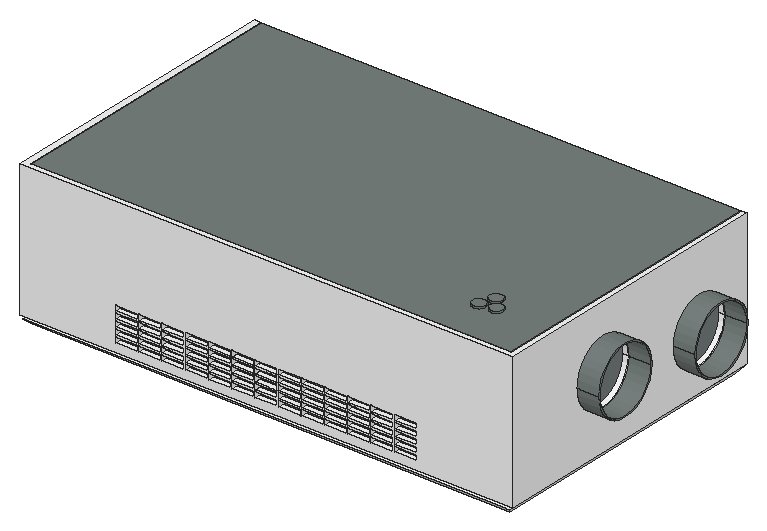
Revit family "AM 300 SHBDE", category Mechanical Equipment, Revit 2019
Family settings
  Round Connector Dimension = Use Diameter
  Part Type = Normal
  OmniClass Number = 23.75.00.00
  OmniClass Title = Climate Control (HVAC)
  Work Plane-Based = No
  Always vertical = Yes
  Cut with Voids When Loaded = No
  Shared = No
  Room Calculation Point = No
Parameters
  publication date = "01.05.2023"
  Weight (Standard Unit) = 85  # constant formula
  Water Heating [instance] = yes
  Water Heater Surface Return = 15 mm  # constant formula
  Water Heater Surface IN = 15 mm  # constant formula
  Version number = "1.0"
  URL = "www.airmaster-as.com"
  Total Width = 1180 mm  # constant formula
  Total Hight = 344 mm  # constant formula
  T-C Duct Supply = 187 mm  # constant formula
  T-C Duct Exhaust = 187 mm  # constant formula
  Suply Air In = 160 mm  # constant formula
  R-C Duct Supply = 133 mm  # constant formula
  Phase 1 - Max Power Consumption = "1175 W"
  Phase 1 - Max Current = "7,97 A"
  Nominal current, electrical preheating surface = "4,35 A"
  Nominal current, electrical comfort heating surface = "2,17 A"
  Nominal current, air handling unit = "1,45 A"
  Network Conection = "AWG 24 CAT 5e STP"
  Model = "AM 300 SHBDE"
  Max. flow rate 35 dB(A) with ePM10 80% filters = 240.00 m³  # constant formula
  Max. flow rate 35 dB(A) with ePM10 55% filters = 270.00 m³  # constant formula
  Max. flow rate 35 dB(A) with ePM10 50% filters = 275.00 m³  # constant formula
  Max. flow rate 30 dB(A) with ePM10 80% filters = 180.00 m³  # constant formula
  Max. flow rate 30 dB(A) with ePM10 55% filters = 205.00 m³  # constant formula
  Max. flow rate 30 dB(A) with ePM10 50% filters = 210.00 m³  # constant formula
  Manufacturer = "Airmaster A/S"
  Maintenance [instance] = no
  L-C Duct Exhaust = 133 mm  # constant formula
  Exhaust Air = 160 mm  # constant formula
  Total Depth = 703 mm  # constant formula
  Electrical connection = "1 ~ 230 V / N / PE / 50 Hz"
  Drawn By = "LSB"
  Data Sheet = "https://www.airmaster-as.com/media/4938/15583-am300-en-rev-04.pdf"
  Condensate = 6 mm  # constant formula
  BMS Panel = "(PTS) 2x2x0,6"
  BMS Out = "(PTS) 2x2x0,6"
  BMS IN = "(PTS) 2x2x0,6"
  Airlow area [instance] = no
Reference planes
  plane 1 "Center (Front/Back)": y = 0
  plane 2: z = 0
  plane 3 "Center (Left/Right)": x = 0
  plane 4 "Center L/S": y = -703
  plane 5 "Center L/T": x = -590
  plane 6 "Center L/U": x = 590
  plane 7 "TOP": z = 344
  plane 8 "Center L/V": x = -575
  plane 9 "Center L/W": y = -688
  plane 10 "Center L/X": x = 575
  plane 11 "Panel Buttom": z = 20.747
  plane 12 "Panel Top": z = 330.347
  plane 13 "Hatch": z = 14.5
Forms (mm)
  Extrusion 1, solid, material "AM Grey"
    sketch origin (0, 0, 0) x (1, 0, 0) y (0, 1, 0)
      loop
        line (-575, 0) -> (-575, -688) -> (575, -688) -> (575, 0) -> (-575, 0)
    from 14.5 to 344
  Extrusion 2, solid, material "AM White"
    sketch origin (794.5, -1524, 20.747) x (0, -1, 0) y (-1, 0, 0)
      loop
        line (-1524, 1384.5) -> (-1524, 1369.5) -> (-836, 1369.5) -> (-836, 219.5) -> (-1524, 219.5) -> (-1524, 204.5) -> (-821, 204.5) -> (-821, 1384.5) -> (-1524, 1384.5)
    from 0 to -323.253
  Blend 3, solid, material "AM White"
    base sketch origin (-790.646, -1524, 14.5) x (0, -1, 0) y (1, 0, 0)
      loop
        line (-821, 207.613) -> (-821, 1373.657) -> (-1524, 1373.657) -> (-1524, 207.613) -> (-821, 207.613)
    top sketch origin (-790.646, -1524, 14.5) x (0, -1, 0) y (1, 0, 0)
      loop
        line (-836, 218.963) -> (-836, 1362.646) -> (-1509.161, 1362.646) -> (-1509.161, 218.963) -> (-836, 218.963)
    from 0 to -14.5
  Extrusion 4, solid, material "AM Grey"
    sketch origin (-575, 0, 0) x (1, 0, 0) y (0, 0, -1)
      loop
        circle (118, -157) r 80
    from 0 to 18.45
  Extrusion 5, solid, material "Maintenece", visible <- "Maintenance"
    sketch origin (-790.646, -1524, 0) x (1, 0, 0) y (0, -1, 0)
      loop
        line (200.646, -1524) -> (1380.646, -1524) -> (1380.646, -821) -> (200.646, -821) -> (200.646, -1524)
    from 0 to 1200
  Extrusion 6, solid, material "AM Grey"
    sketch origin (0, 0, 344) x (1, 0, 0) y (0, 1, 0)
      loop
        circle (428.027, -549.273) r 15.55
    from 0 to 3
  Extrusion 7, solid, material "AM Grey"
    sketch origin (0, 0, 344) x (1, 0, 0) y (0, 1, 0)
      loop
        circle (452.132, -578.023) r 15.55
    from 0 to 3
  Extrusion 8, solid, material "AM Grey"
    sketch origin (0, 0, 344) x (1, 0, 0) y (0, 1, 0)
      loop
        circle (415.201, -584.535) r 15.55
    from 0 to 3
  Extrusion 9, void
    sketch origin (590, -703, 24.45) x (1, 0, 0) y (0, 0, -1)
      loop
        line (-950, -98.297) -> (-897.385, -98.297) -> (-897.385, -84.297) -> (-950, -84.297) -> (-950, -98.297)
      loop
        line (-950, -81.297) -> (-897.385, -81.297) -> (-897.385, -67.297) -> (-950, -67.297) -> (-950, -81.297)
      loop
        line (-950, -64.297) -> (-897.385, -64.297) -> (-897.385, -50.297) -> (-950, -50.297) -> (-950, -64.297)
      loop
        line (-950, -47.297) -> (-897.385, -47.297) -> (-897.385, -33.297) -> (-950, -33.297) -> (-950, -47.297)
      loop
        line (-950, -30.297) -> (-897.385, -30.297) -> (-897.385, -16.297) -> (-950, -16.297) -> (-950, -30.297)
      loop
        line (-894.385, -98.297) -> (-841.769, -98.297) -> (-841.769, -84.297) -> (-894.385, -84.297) -> (-894.385, -98.297)
      loop
        line (-894.385, -81.297) -> (-841.769, -81.297) -> (-841.769, -67.297) -> (-894.385, -67.297) -> (-894.385, -81.297)
      loop
        line (-894.385, -64.297) -> (-841.769, -64.297) -> (-841.769, -50.297) -> (-894.385, -50.297) -> (-894.385, -64.297)
      loop
        line (-894.385, -47.297) -> (-841.769, -47.297) -> (-841.769, -33.297) -> (-894.385, -33.297) -> (-894.385, -47.297)
      loop
        line (-894.385, -30.297) -> (-841.769, -30.297) -> (-841.769, -16.297) -> (-894.385, -16.297) -> (-894.385, -30.297)
      loop
        line (-838.769, -98.297) -> (-786.154, -98.297) -> (-786.154, -84.297) -> (-838.769, -84.297) -> (-838.769, -98.297)
      loop
        line (-838.769, -81.297) -> (-786.154, -81.297) -> (-786.154, -67.297) -> (-838.769, -67.297) -> (-838.769, -81.297)
      loop
        line (-838.769, -64.297) -> (-786.154, -64.297) -> (-786.154, -50.297) -> (-838.769, -50.297) -> (-838.769, -64.297)
      loop
        line (-838.769, -47.297) -> (-786.154, -47.297) -> (-786.154, -33.297) -> (-838.769, -33.297) -> (-838.769, -47.297)
      loop
        line (-838.769, -30.297) -> (-786.154, -30.297) -> (-786.154, -16.297) -> (-838.769, -16.297) -> (-838.769, -30.297)
      loop
        line (-783.154, -98.297) -> (-730.538, -98.297) -> (-730.538, -84.297) -> (-783.154, -84.297) -> (-783.154, -98.297)
      loop
        line (-783.154, -81.297) -> (-730.538, -81.297) -> (-730.538, -67.297) -> (-783.154, -67.297) -> (-783.154, -81.297)
      loop
        line (-783.154, -64.297) -> (-730.538, -64.297) -> (-730.538, -50.297) -> (-783.154, -50.297) -> (-783.154, -64.297)
      loop
        line (-783.154, -47.297) -> (-730.538, -47.297) -> (-730.538, -33.297) -> (-783.154, -33.297) -> (-783.154, -47.297)
      loop
        line (-783.154, -30.297) -> (-730.538, -30.297) -> (-730.538, -16.297) -> (-783.154, -16.297) -> (-783.154, -30.297)
      loop
        line (-727.538, -98.297) -> (-674.923, -98.297) -> (-674.923, -84.297) -> (-727.538, -84.297) -> (-727.538, -98.297)
      loop
        line (-727.538, -81.297) -> (-674.923, -81.297) -> (-674.923, -67.297) -> (-727.538, -67.297) -> (-727.538, -81.297)
      loop
        line (-727.538, -64.297) -> (-674.923, -64.297) -> (-674.923, -50.297) -> (-727.538, -50.297) -> (-727.538, -64.297)
      loop
        line (-727.538, -47.297) -> (-674.923, -47.297) -> (-674.923, -33.297) -> (-727.538, -33.297) -> (-727.538, -47.297)
      loop
        line (-727.538, -30.297) -> (-674.923, -30.297) -> (-674.923, -16.297) -> (-727.538, -16.297) -> (-727.538, -30.297)
      loop
        line (-671.923, -98.297) -> (-619.308, -98.297) -> (-619.308, -84.297) -> (-671.923, -84.297) -> (-671.923, -98.297)
      loop
        line (-671.923, -81.297) -> (-619.308, -81.297) -> (-619.308, -67.297) -> (-671.923, -67.297) -> (-671.923, -81.297)
      loop
        line (-671.923, -64.297) -> (-619.308, -64.297) -> (-619.308, -50.297) -> (-671.923, -50.297) -> (-671.923, -64.297)
      loop
        line (-671.923, -47.297) -> (-619.308, -47.297) -> (-619.308, -33.297) -> (-671.923, -33.297) -> (-671.923, -47.297)
      loop
        line (-671.923, -30.297) -> (-619.308, -30.297) -> (-619.308, -16.297) -> (-671.923, -16.297) -> (-671.923, -30.297)
      loop
        line (-616.308, -98.297) -> (-563.692, -98.297) -> (-563.692, -84.297) -> (-616.308, -84.297) -> (-616.308, -98.297)
      loop
        line (-616.308, -81.297) -> (-563.692, -81.297) -> (-563.692, -67.297) -> (-616.308, -67.297) -> (-616.308, -81.297)
      loop
        line (-616.308, -64.297) -> (-563.692, -64.297) -> (-563.692, -50.297) -> (-616.308, -50.297) -> (-616.308, -64.297)
      loop
        line (-616.308, -47.297) -> (-563.692, -47.297) -> (-563.692, -33.297) -> (-616.308, -33.297) -> (-616.308, -47.297)
      loop
        line (-616.308, -30.297) -> (-563.692, -30.297) -> (-563.692, -16.297) -> (-616.308, -16.297) -> (-616.308, -30.297)
      loop
        line (-560.692, -98.297) -> (-508.077, -98.297) -> (-508.077, -84.297) -> (-560.692, -84.297) -> (-560.692, -98.297)
      loop
        line (-560.692, -81.297) -> (-508.077, -81.297) -> (-508.077, -67.297) -> (-560.692, -67.297) -> (-560.692, -81.297)
      loop
        line (-560.692, -64.297) -> (-508.077, -64.297) -> (-508.077, -50.297) -> (-560.692, -50.297) -> (-560.692, -64.297)
      loop
        line (-560.692, -47.297) -> (-508.077, -47.297) -> (-508.077, -33.297) -> (-560.692, -33.297) -> (-560.692, -47.297)
      loop
        line (-560.692, -30.297) -> (-508.077, -30.297) -> (-508.077, -16.297) -> (-560.692, -16.297) -> (-560.692, -30.297)
      loop
        line (-505.077, -98.297) -> (-452.462, -98.297) -> (-452.462, -84.297) -> (-505.077, -84.297) -> (-505.077, -98.297)
      loop
        line (-505.077, -81.297) -> (-452.462, -81.297) -> (-452.462, -67.297) -> (-505.077, -67.297) -> (-505.077, -81.297)
      loop
        line (-505.077, -64.297) -> (-452.462, -64.297) -> (-452.462, -50.297) -> (-505.077, -50.297) -> (-505.077, -64.297)
      loop
        line (-505.077, -47.297) -> (-452.462, -47.297) -> (-452.462, -33.297) -> (-505.077, -33.297) -> (-505.077, -47.297)
      loop
        line (-505.077, -30.297) -> (-452.462, -30.297) -> (-452.462, -16.297) -> (-505.077, -16.297) -> (-505.077, -30.297)
      loop
        line (-449.462, -98.297) -> (-396.846, -98.297) -> (-396.846, -84.297) -> (-449.462, -84.297) -> (-449.462, -98.297)
      loop
        line (-449.462, -81.297) -> (-396.846, -81.297) -> (-396.846, -67.297) -> (-449.462, -67.297) -> (-449.462, -81.297)
      loop
        line (-449.462, -64.297) -> (-396.846, -64.297) -> (-396.846, -50.297) -> (-449.462, -50.297) -> (-449.462, -64.297)
      loop
        line (-449.462, -47.297) -> (-396.846, -47.297) -> (-396.846, -33.297) -> (-449.462, -33.297) -> (-449.462, -47.297)
      loop
        line (-449.462, -30.297) -> (-396.846, -30.297) -> (-396.846, -16.297) -> (-449.462, -16.297) -> (-449.462, -30.297)
      loop
        line (-393.846, -98.297) -> (-341.231, -98.297) -> (-341.231, -84.297) -> (-393.846, -84.297) -> (-393.846, -98.297)
      loop
        line (-393.846, -81.297) -> (-341.231, -81.297) -> (-341.231, -67.297) -> (-393.846, -67.297) -> (-393.846, -81.297)
      loop
        line (-393.846, -64.297) -> (-341.231, -64.297) -> (-341.231, -50.297) -> (-393.846, -50.297) -> (-393.846, -64.297)
      loop
        line (-393.846, -47.297) -> (-341.231, -47.297) -> (-341.231, -33.297) -> (-393.846, -33.297) -> (-393.846, -47.297)
      loop
        line (-393.846, -30.297) -> (-341.231, -30.297) -> (-341.231, -16.297) -> (-393.846, -16.297) -> (-393.846, -30.297)
      loop
        line (-338.231, -98.297) -> (-285.615, -98.297) -> (-285.615, -84.297) -> (-338.231, -84.297) -> (-338.231, -98.297)
      loop
        line (-338.231, -81.297) -> (-285.615, -81.297) -> (-285.615, -67.297) -> (-338.231, -67.297) -> (-338.231, -81.297)
      loop
        line (-338.231, -64.297) -> (-285.615, -64.297) -> (-285.615, -50.297) -> (-338.231, -50.297) -> (-338.231, -64.297)
      loop
        line (-338.231, -47.297) -> (-285.615, -47.297) -> (-285.615, -33.297) -> (-338.231, -33.297) -> (-338.231, -47.297)
      loop
        line (-338.231, -30.297) -> (-285.615, -30.297) -> (-285.615, -16.297) -> (-338.231, -16.297) -> (-338.231, -30.297)
      loop
        line (-282.615, -98.297) -> (-230, -98.297) -> (-230, -84.297) -> (-282.615, -84.297) -> (-282.615, -98.297)
      loop
        line (-282.615, -81.297) -> (-230, -81.297) -> (-230, -67.297) -> (-282.615, -67.297) -> (-282.615, -81.297)
      loop
        line (-282.615, -64.297) -> (-230, -64.297) -> (-230, -50.297) -> (-282.615, -50.297) -> (-282.615, -64.297)
      loop
        line (-282.615, -47.297) -> (-230, -47.297) -> (-230, -33.297) -> (-282.615, -33.297) -> (-282.615, -47.297)
      loop
        line (-282.615, -30.297) -> (-230, -30.297) -> (-230, -16.297) -> (-282.615, -16.297) -> (-282.615, -30.297)
    from 0 to 15
  Extrusion 10, solid, material "AM Grey", visible <- "Water Heating"
    sketch origin (-575, -688, 0) x (0, 1, 0) y (0, 0, -1)
      loop
        circle (325.216, -242.139) r 15.55
    from 0 to 36
  Extrusion 11, solid, material "AM Grey", visible <- "Water Heating"
    sketch origin (-575, -836.92, 39.903) x (0, 1, 0) y (0, 0, -1)
      loop
        circle (325.216, -242.139) r 15.55
    from 0 to 36
  Extrusion 12, solid, material "AM Grey"
    sketch origin (590, 0, 20.747) x (0, -1, 0) y (0, 0, -1)
      loop
        circle (145, -136.253) r 79
      loop
        circle (145, -136.253) r 77
    from 0 to 54
  Extrusion 13, solid, material "AM Grey"
    sketch origin (590, -288, 58.747) x (0, -1, 0) y (0, 0, -1)
      loop
        circle (145, -136.253) r 79
      loop
        circle (145, -136.253) r 77
    from 0 to 54
  Extrusion 14, void
    sketch origin (644, -288, 58.747) x (0, 1, 0) y (0, 0, -1)
      loop
        circle (-145, -136.253) r 77
      loop
        circle (143, -98.253) r 77
    from 0 to 77.512
Cuts and joins
  Extrusion 9 cuts Extrusion 1
  Extrusion 9, Extrusion 14 cuts Extrusion 2
  Extrusion 14 cuts Extrusion 12
  Extrusion 14 cuts Extrusion 13
Dimensions and locks
  "Total Depth": plane 4 "Center L/S" to plane 1 "Center (Front/Back)"
  equal spacing: plane 5 "Center L/T", plane 3 "Center (Left/Right)", plane 6 "Center L/U"
  "Total Width": plane 5 "Center L/T" to plane 6 "Center L/U"
  "Total Hight": plane 7 "TOP" to level
  locked: plane 10 "Center L/X" to plane 6 "Center L/U" at 15
  locked: plane 4 "Center L/S" to plane 9 "Center L/W" at 15
  locked: plane 5 "Center L/T" to plane 8 "Center L/V" at 15
  Extrusion 1 to Blend 3 sketch curve = 14.839 mm
  plane 7 "TOP" to Extrusion 12 sketch curve = 187 mm
  Extrusion 4 sketch curve to plane 5 "Center L/T" = 133 mm
  aligned and locked: level to plane 2
  aligned and locked: plane 1 "Center (Front/Back)" to Extrusion 1 sketch curve
  aligned and locked: plane 8 "Center L/V" to Extrusion 1 sketch curve
  aligned and locked: Extrusion 1 sketch curve to plane 9 "Center L/W"
  aligned and locked: Extrusion 1 sketch curve to plane 10 "Center L/X"
  aligned and locked: plane 7 "TOP" to Extrusion 1
  aligned and locked: plane 5 "Center L/T" to Extrusion 2 sketch curve
  aligned and locked: plane 4 "Center L/S" to Extrusion 2 sketch curve
  aligned and locked: plane 6 "Center L/U" to Extrusion 2 sketch curve
  aligned and locked: Extrusion 2 sketch curve to Extrusion 1  (x3)
  aligned and locked: plane 1 "Center (Front/Back)" to Extrusion 2 sketch curve
  aligned and locked: Blend 3 to plane 2
  aligned and locked: plane 13 "Hatch" to Extrusion 1
Automatic sketch dimensions
  plane 1 "Center (Front/Back)" to Extrusion 2 sketch curve = 0 mm
  plane 1 "Center (Front/Back)" to Blend 3 sketch curve = 0 mm
  plane 4 "Center L/S" to Blend 3 sketch curve = 0 mm
  plane 5 "Center L/T" to Blend 3 sketch curve = 6.967 mm
  Blend 3 sketch curve to plane 6 "Center L/U" = 6.989 mm
  plane 9 "Center L/W" to Blend 3 sketch curve = 0 mm
  plane 8 "Center L/V" to Blend 3 sketch curve = 3.316 mm
  Blend 3 sketch curve to plane 10 "Center L/X" = 3 mm
  Extrusion 1 to Extrusion 4 sketch curve = 142.5 mm
  Extrusion 5 sketch curve to Blend 3 = 18.316 mm
  Extrusion 5 sketch curve to Blend 3 = 18 mm
  Extrusion 5 sketch curve to Blend 3 = 15 mm
  Extrusion 5 sketch curve to Blend 3 = 14.839 mm
  Extrusion 6 sketch curve to Extrusion 1 = 146.973 mm
  Extrusion 6 sketch curve to Extrusion 1 = 138.727 mm
  Extrusion 7 sketch curve to Extrusion 1 = 122.868 mm
  Extrusion 7 sketch curve to Extrusion 1 = 109.977 mm
  Extrusion 8 sketch curve to Extrusion 1 = 159.799 mm
  Extrusion 8 sketch curve to Extrusion 1 = 103.465 mm
  Extrusion 9 sketch curve to Extrusion 2 = 102 mm  (x2)
  Extrusion 9 sketch curve to Extrusion 2 = 230 mm
  Extrusion 9 sketch curve to Extrusion 2 = 20 mm
  Extrusion 9 sketch curve to Extrusion 9 sketch curve = 0 mm  (x115)
  Extrusion 9 sketch curve to Extrusion 9 sketch curve = 52.615 mm  (x13)
  Extrusion 9 sketch curve to Extrusion 9 sketch curve = 3 mm  (x88)
  Extrusion 9 sketch curve to Extrusion 9 sketch curve = 14 mm  (x40)
  Extrusion 1 to Extrusion 10 sketch curve = 101.861 mm
  Extrusion 10 sketch curve to Extrusion 1 = 325.216 mm
  Extrusion 1 to Extrusion 11 sketch curve = 61.958 mm
  Extrusion 11 sketch curve to Extrusion 1 = 176.296 mm
  Extrusion 13 sketch curve to Extrusion 2 = 270 mm
  Extrusion 2 to Extrusion 13 sketch curve = 149 mm
  Extrusion 2 to Extrusion 12 sketch curve = 145 mm
  Extrusion 13 sketch curve to Extrusion 13 sketch curve = 0 mm  (x2)
  Extrusion 12 sketch curve to Extrusion 12 sketch curve = 0 mm  (x2)
  Extrusion 14 sketch curve to Extrusion 14 sketch curve = 0 mm  (x2)
  Extrusion 14 sketch curve to Extrusion 14 sketch curve = 211 mm
  Extrusion 14 sketch curve to Extrusion 14 sketch curve = 38 mm
  Extrusion 14 sketch curve to Extrusion 14 sketch curve = 77 mm
  radius of Extrusion 4 sketch curve = 80 mm
  radius of Extrusion 6 sketch curve = 15.55 mm
  radius of Extrusion 7 sketch curve = 15.55 mm
  radius of Extrusion 8 sketch curve = 15.55 mm
  radius of Extrusion 10 sketch curve = 15.55 mm
  radius of Extrusion 11 sketch curve = 15.55 mm
  radius of Extrusion 12 sketch curve = 79 mm
  radius of Extrusion 13 sketch curve = 79 mm
  radius of Extrusion 13 sketch curve = 77 mm
  radius of Extrusion 12 sketch curve = 77 mm
  radius of Extrusion 14 sketch curve to Extrusion 13 = 0 mm
Nested families
  nested 1: "Model Label 2019" at (0, -361.924, 0), Label <- "Model", type "Model Label 2019"
    with Label "AM 300 SHBDE"
  nested 2: "indblæssymbol" at (0, -803, 0) x (0, -1, 0) z (0, 0, 1), type "indblæssymbol"
    with dX_ 609 mm, dX 609 mm, ang2D 0.00°
Connectors
  electrical at (428.027, -549.273, 344)
    settings: on Extrusion 6, index 13, voltage 230 V, apparent load 0 VA, apparent load phase1 0 VA, apparent load phase2 0 VA, apparent load phase3 0 VA, power factor 0.55, load classification "Other", number of poles 1, system type 30, power factor state 1, is connector primary yes, connector utility no, sub classification motor no, connector description ""
  electrical at (452.132, -578.023, 344), driven by "BMS Out"
    settings: on Extrusion 7, index 14, voltage 0 V, apparent load 0 VA, apparent load phase1 0 VA, apparent load phase2 0 VA, apparent load phase3 0 VA, power factor 1, load classification "Other", number of poles 1, system type 5, power factor state 1, is connector primary no, connector utility no, sub classification motor no, connector description "(PTS) 2x2x0,6"
  electrical at (415.201, -584.535, 344), driven by "BMS IN"
    settings: on Extrusion 8, index 15, voltage 0 V, apparent load 0 VA, apparent load phase1 0 VA, apparent load phase2 0 VA, apparent load phase3 0 VA, power factor 1, load classification "Other", number of poles 1, system type 5, power factor state 1, is connector primary no, connector utility no, sub classification motor no, connector description "(PTS) 2x2x0,6"
  piping at (-611, -362.784, 242.139), diameter 15, driven by "Water Heater Surface IN"
    settings: on Extrusion 10, index 16, connector inside diameter 609.6 mm, connector length 0 mm, flow factor 0, pipe flow 0.0 L/s, pressure drop 0.0 Pa, fitting loss kfactor 0, connector angle 0.00°, fixture units 0, engagement length 0 mm, angle of deflection 0.00°, flow configuration 0, flow direction 1, fitting loss method 0, system type 19, joint type 0, gender type 0, connector reference index -1, connector utility 0, adjustable connector no, is connector primary yes, connector description ""
  piping at (-611, -511.704, 282.042), diameter 15, driven by "Water Heater Surface IN"
    settings: on Extrusion 11, index 17, connector inside diameter 609.6 mm, connector length 0 mm, flow factor 0, pipe flow 0.0 L/s, pressure drop 0.0 Pa, fitting loss kfactor 0, connector angle 0.00°, fixture units 0, engagement length 0 mm, angle of deflection 0.00°, flow configuration 0, flow direction 2, fitting loss method 0, system type 19, joint type 0, gender type 0, connector reference index -1, connector utility 0, adjustable connector no, is connector primary no, connector description ""
  hvac at (-457, 0, 157), driven by "Suply Air In"
    settings: on Extrusion 4, index 19, duct flow 0.0 L/s, flow factor 0, pres drop 0.0 Pa, loss coef 0, conn angle 0.00°, conn width 304.8 mm, conn height 304.8 mm, conn diameter 160 mm, duct sys type 1, conn prof type 0, flow config 0, flow direction 1, loss method 0, conn ref index -1, conn util no, is conn primary yes, conn desc ""
  hvac at (590, -145, 157), driven by "Suply Air In"
    settings: on Extrusion 12, index 20, duct flow 0.0 L/s, flow factor 0, pres drop 0.0 Pa, loss coef 0, conn angle 0.00°, conn width 304.8 mm, conn height 304.8 mm, conn diameter 160 mm, duct sys type 3, conn prof type 0, flow config 0, flow direction 1, loss method 0, conn ref index -1, conn util no, is conn primary no, conn desc ""
  hvac at (644, -433, 195)
    settings: on Extrusion 13, index 21, duct flow 0.0 L/s, flow factor 0, pres drop 0.0 Pa, loss coef 0, conn angle 0.00°, conn width 304.8 mm, conn height 160 mm, conn diameter 160 mm, duct sys type 2, conn prof type 0, flow config 0, flow direction 1, loss method 0, conn ref index -1, conn util no, is conn primary no, conn desc ""
Definition of nested family "Model Label 2019"
  Parameters (values of type "Model Label 2019")
    Label [instance] = ""
  Reference planes
    plane 1: y = 0
    plane 2: x = 0
  Text (mm)
    label "Label" at (-0.131, 0.049, 0), shows "Label"
Definition of nested family "indblæssymbol"
  Parameters (values of type "indblæssymbol")
    dX_ [instance] = if(dX = 0 mm, 1 mm, dX)  # 609 mm
    dX [instance] = 609 mm
    ang2D [instance] = 0.00°
    Type Comments = "DO NOT CHANGE dX value from 608 mm ( 2 ft )"
    Afstand pil = 50 mm
  Reference planes
    plane 1 "Center (Front/Back)": y = 0
    plane 2: z = 0
    plane 3 "Center (Left/Right)": x = 0
  Lines and regions (mm)
    Filled region 1, type "Concrete", in view "Ref. Level"
      outline origin (50.005, 0, 0) x (1, 0, 0) y (0, 1, 0)
        loop
          line (399.995, 0.414) -> (301.442, 17.365) -> (301.588, -17.365) -> (399.995, 0.414)
    reference lines, in view "Ref. Level"
      curve 1: line (50, 134.129, 0) -> (50, -145.871, 0)
    detail lines, in view "Ref. Level"
      curve 2: line (351.52, 0, 0) -> (50, 0, 0)
  Dimensions and locks
    "Afstand pil": plane 3 "Center (Left/Right)" to curve 1
    curve 1 to Filled region 1 = 400 mm
  Automatic sketch dimensions
    Filled region 1 sketch curve to plane 1 "Center (Front/Back)" = 0.414 mm
    plane 3 "Center (Left/Right)" to Filled region 1 sketch curve = 450 mm
    plane 1 "Center (Front/Back)" to Filled region 1 sketch curve = 17.365 mm
    Filled region 1 sketch curve to Filled region 1 sketch curve = 98.407 mm
    Filled region 1 sketch curve to plane 1 "Center (Front/Back)" = 17.365 mm
    Filled region 1 sketch curve to Filled region 1 sketch curve = 0.146 mm
    plane 1 "Center (Front/Back)" to curve 2 = 0 mm
    plane 3 "Center (Left/Right)" to curve 2 = 50 mm
    curve 2 to curve 2 = 301.52 mm
    plane 1 "Center (Front/Back)" to curve 1 = 145.871 mm
    curve 1 to plane 1 "Center (Front/Back)" = 134.129 mm
